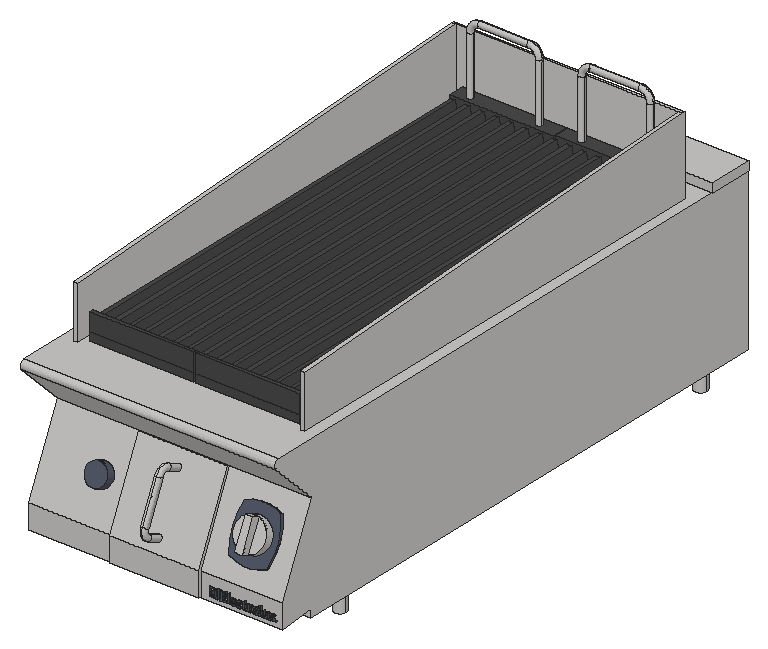
Revit family "QF_ELECTROLUXPROFESSIONAL_391219_E9GRGDGC0P", category Specialty Equipment, Revit 2018 (continued)
Nested families
  nested 12: "391065_QF_Electrolux_GRILL" at (285.067, -130.285, 287.7), type "391065_QF_Electrolux_GRILL"
    with Type Mark "", Specification by User "", Revision Code "", Item Number "", Installed By "", Identify Quantity as Lot yes, Furnished By "", Foodservice Equipment Identifier yes
  nested 13: "391065_QF_Electrolux_GRILL" at (307.91, -130.285, 287.7), type "391065_QF_Electrolux_GRILL"
    with Type Mark "", Specification by User "", Revision Code "", Item Number "", Installed By "", Identify Quantity as Lot yes, Furnished By "", Foodservice Equipment Identifier yes
  nested 14: "391065_QF_Electrolux_GRILL" at (330.754, -130.285, 287.7), type "391065_QF_Electrolux_GRILL"
    with Type Mark "", Specification by User "", Revision Code "", Item Number "", Installed By "", Identify Quantity as Lot yes, Furnished By "", Foodservice Equipment Identifier yes
  nested 15: "391065_QF_Electrolux_GRILL" at (353.598, -130.285, 287.7), type "391065_QF_Electrolux_GRILL"
    with Type Mark "", Specification by User "", Revision Code "", Item Number "", Installed By "", Identify Quantity as Lot yes, Furnished By "", Foodservice Equipment Identifier yes
Connectors
  piping at (347.613, -50.8, 53.975), diameter 19
    settings: on Extrusion 23, index 1, connector inside diameter 0.74803", connector length 0 mm, flow factor 0, pipe flow 0 GPM, pressure drop 0.00 psi, fitting loss kfactor 0, connector angle 0.00°, fixture units 0, engagement length 0 mm, angle of deflection 0.00°, flow configuration 1, flow direction 1, fitting loss method 0, system type 7, joint type 0, gender type 0, connector reference index -1, connector utility 0, adjustable connector no, is connector primary yes, connector description "GAS CONNECTION"
Definition of nested family "391065_QF_Electrolux_GRILL"
  Parameters
    Weight in Pounds = 0
    URL Cutsheet = ""
    URL = ""
    Type Mark [instance] = ""
    Specification by User [instance] = ""
    Specification by Manufacturer = ""
    Serial Number = ""
    Seismic Rating = ""
    SMACNA No = ""
    Revision Code [instance] = ""
    Omniclass Number and Title = ""
    NAFEM Spec ID Number = ""
    Model = ""
    Masterspec = ""
    Manufacturer = ""
    Item Number [instance] = ""
    Installed By [instance] = ""
    Identify Quantity as Lot [instance] = yes
    Furnished By [instance] = ""
    Foodservice Equipment Identifier [instance] = yes
    Description = ""
    CSI MasterFormat = ""
    CSI Master Format = ""
    Assembly Code = ""
  Reference planes
    plane 1 "BACK": y = 0
    plane 2: z = 0
    plane 3 "LEFT": x = 0
    plane 4 "RIGHT": x = 12.7
    plane 5 "FRONT": y = -701.7
    plane 6 "TOP": z = 19.576
    plane 7 "Center Y": x = 6.35
    plane 8 "Center X": y = -350.85
    plane 9: y = -147.637
  Forms (mm)
    Extrusion 1, solid
      sketch origin (-1.421, -501.68, -12.7) x (1, 0, 0) y (0, 0, 1)
        loop
          line (1.421, 12.7) -> (14.121, 12.7) -> (11.081, 32.276) -> (4.46, 32.276) -> (1.421, 12.7)
      from 200.02 to -501.68
  Lines and regions (mm)
    symbolic lines
      curve 1: line (0, 0, 0) -> (12.7, 0, 0)
      curve 2: line (0, -701.7, 0) -> (0, 0, 0)
      curve 3: line (12.7, -701.7, 0) -> (0, -701.7, 0)
      curve 4: line (12.7, 0, 0) -> (12.7, -701.7, 0)
  Dimensions and locks
    equal spacing: plane 3 "LEFT", plane 7 "Center Y", plane 4 "RIGHT"
    plane 3 "LEFT" to plane 4 "RIGHT" = 12.7 mm
    equal spacing: plane 5 "FRONT", plane 8 "Center X", plane 1 "BACK"
    plane 5 "FRONT" to plane 1 "BACK" = 701.7 mm
    plane 6 "TOP" to level = 19.576 mm
    plane 1 "BACK" to plane 5 "FRONT" = 701.7 mm
    aligned and locked: level to plane 2
  Automatic sketch dimensions
    Extrusion 1 sketch curve to level = 0 mm
    Extrusion 1 sketch curve to plane 3 "LEFT" = 0 mm
    Extrusion 1 sketch curve to plane 6 "TOP" = 0 mm
    Extrusion 1 sketch curve to plane 4 "RIGHT" = 0 mm
    plane 3 "LEFT" to Extrusion 1 sketch curve = 3.039 mm
    Extrusion 1 sketch curve to plane 4 "RIGHT" = 3.039 mm
    curve 3 to plane 3 "LEFT" = 0 mm
    curve 3 to plane 4 "RIGHT" = 0 mm
    plane 5 "FRONT" to curve 3 = 0 mm
    plane 1 "BACK" to curve 2 = 0 mm
